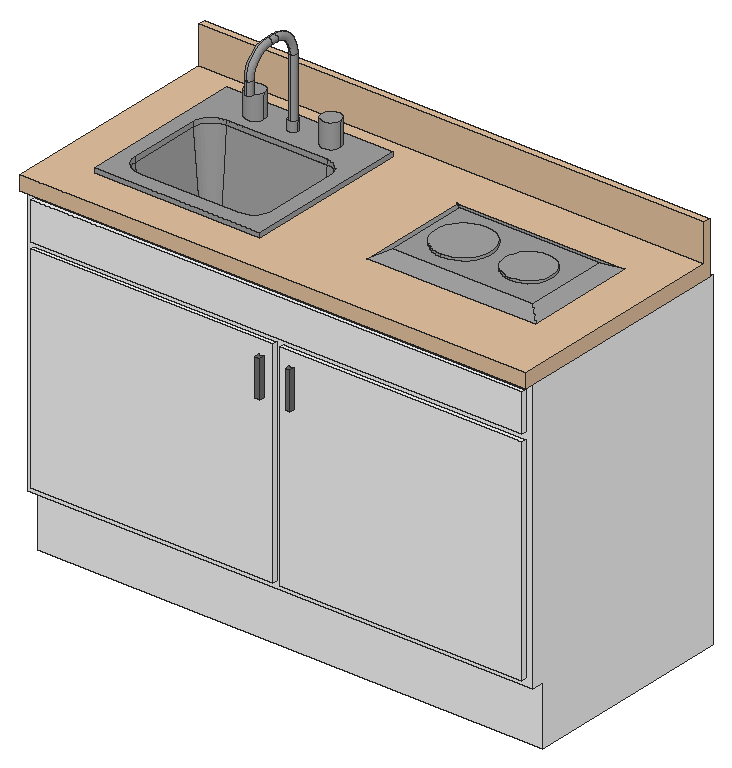
Revit family "Kitchenette-Small (NZ)", category 특수 시설물, Revit 2026
Family settings
  원형 커넥터 치수 = 지름 사용
  부품 유형 = 보통
  작업 기준면 기반 = 아니오
  뷰에서 절단 사용 = 아니오
  항상 수직 = 예
  로드될 때 보이드를 사용하여 절단 = 아니오
  주석 방향 유지 = 아니오
  공유 = 예
  룸 계산 점 = 아니오
Parameters (values of type "1372mm")
  기본 높이 = 0 mm
  Width = 1372 mm
  Sink Location = Width / 4  # 343 mm
  Height = 900 mm
  Depth = 610 mm
  Cabinet Material = Cabinets
  Door/Drawer Material = Cabinets
  Handle Material = Cabinets - Handles
  Toe Depth = 35 mm
  Toe Height = 160 mm
  Assembly Code = ""
Reference planes
  plane 1 "Back": y = 0
  plane 2: z = 0
  plane 3 "Center": x = 18.738
  plane 4 "Left": x = -667.262
  plane 5 "Right": x = 704.738
  plane 6 "Front": y = -610
  plane 7 "Top": z = 900
  plane 8: y = -575
  plane 9: z = 160
  plane 10: z = 880.95
  plane 11: z = 179.05
  plane 12: x = -648.212
  plane 13: x = 685.688
  plane 14: z = 779.35
  plane 15: z = 760.3
  plane 16: z = 722.2
  plane 17: z = 620.6
  plane 18: x = -16.187
  plane 19: x = -28.887
  plane 20: x = 9.213
  plane 21: x = 28.263
  plane 22: x = 53.663
  plane 23: x = 66.363
  plane 24: y = -305
  plane 25: x = 361.738
  plane 26: x = -324.262
  plane 27: y = -635
Forms (mm)
  Extrusion 1, solid, material "Cabinets" <- "Cabinet Material"
    sketch origin (0, 0, 0) x (1, 0, 0) y (0, 1, 0)
      loop
        line (-667.262, 0) -> (-667.262, -575) -> (704.738, -575) -> (704.738, 0) -> (-667.262, 0)
    from 0 to 160
  Sweep 2, solid, material "Cabinets" <- "Cabinet Material"
    path origin (0, 0, 0) x (1, 0, 0) y (0, 1, 0)
      loop
        line (704.738, 0) -> (-667.262, 0) -> (-667.262, -610) -> (704.738, -610) -> (704.738, 0)
    profile origin (0, -305, 0) x (1, 0, 0) y (0, 0, 1)
      loop
        line (704.738, 160) -> (704.738, 900) -> (685.688, 900) -> (685.688, 160) -> (704.738, 160)
  Extrusion 3, solid, material "Cabinets" <- "Cabinet Material"
    sketch origin (0, 0, 0) x (1, 0, 0) y (0, 1, 0)
      loop
        line (-648.212, -19.05) -> (-648.212, -590.95) -> (685.688, -590.95) -> (685.688, -19.05) -> (-648.212, -19.05)
    from 179.05 to 160
  Extrusion 4, solid, material "Cabinets" <- "Door/Drawer Material"
    sketch origin (0, -610, 0) x (1, 0, 0) y (0, 0, 1)
      loop
        line (-648.212, 760.3) -> (-648.212, 179.05) -> (9.213, 179.05) -> (9.213, 760.3) -> (-648.212, 760.3)
      loop
        line (28.263, 760.3) -> (28.263, 179.05) -> (685.688, 179.05) -> (685.688, 760.3) -> (28.263, 760.3)
      loop
        line (-648.212, 880.95) -> (-648.212, 779.35) -> (685.688, 779.35) -> (685.688, 880.95) -> (-648.212, 880.95)
    from 0 to 12.7
  Extrusion 5, solid, material "Cabinets - Handles" <- "Handle Material"
    sketch origin (0, -610, 0) x (1, 0, 0) y (0, 0, 1)
      loop
        line (-28.887, 722.2) -> (-28.887, 620.6) -> (-16.187, 620.6) -> (-16.187, 722.2) -> (-28.887, 722.2)
      loop
        line (53.663, 722.2) -> (53.663, 620.6) -> (66.363, 620.6) -> (66.363, 722.2) -> (53.663, 722.2)
    from 12.7 to 25.4
Cuts and joins
  joined: Extrusion 1, Sweep 2
Lines and regions (mm)
  symbolic lines, style "SpecialityEquipment"
    curve 1: line (704.738, -610, 0) -> (-667.262, -610, 0)
  model lines
    curve 2: line (685.688, -610, 779.35) -> (-648.212, -610, 779.35)
    curve 3: line (685.688, -610, 880.95) -> (685.688, -610, 779.35)
    curve 4: line (-648.212, -610, 880.95) -> (685.688, -610, 880.95)
    curve 5: line (-648.212, -610, 779.35) -> (-648.212, -610, 880.95)
    curve 6: line (685.688, -610, 179.05) -> (28.263, -610, 179.05)
    curve 7: line (685.688, -610, 760.3) -> (685.688, -610, 179.05)
    curve 8: line (-648.212, -610, 760.3) -> (9.213, -610, 760.3)
    curve 9: line (-648.212, -610, 179.05) -> (-648.212, -610, 760.3)
    curve 10: line (-28.887, -610, 722.2) -> (-16.187, -610, 722.2)
    curve 11: line (-28.887, -610, 620.6) -> (-28.887, -610, 722.2)
    curve 12: line (-16.187, -610, 620.6) -> (-28.887, -610, 620.6)
    curve 13: line (-16.187, -610, 722.2) -> (-16.187, -610, 620.6)
    curve 14: line (28.263, -610, 179.05) -> (28.263, -610, 760.3)
    curve 15: line (9.213, -610, 179.05) -> (9.213, -610, 760.3)
    curve 16: line (66.363, -610, 722.2) -> (53.663, -610, 722.2)
    curve 17: line (66.363, -610, 620.6) -> (66.363, -610, 722.2)
    curve 18: line (53.663, -610, 620.6) -> (66.363, -610, 620.6)
    curve 19: line (53.663, -610, 722.2) -> (53.663, -610, 620.6)
    curve 20: line (28.263, -610, 760.3) -> (685.688, -610, 760.3)
    curve 21: line (9.213, -610, 179.05) -> (-648.212, -610, 179.05)
  symbolic lines, style "Elevation Swing"
    curve 22: line (9.213, -610, 760.3) -> (-648.212, -610, 469.675)
    curve 23: line (9.213, -610, 179.05) -> (-648.212, -610, 469.675)
    curve 24: line (28.263, -610, 760.3) -> (685.688, -610, 469.675)
    curve 25: line (685.688, -610, 469.675) -> (28.263, -610, 179.05)
Dimensions and locks
  "Depth": plane 6 "Front" to plane 1 "Back"
  "Width": plane 4 "Left" to plane 5 "Right"
  equal spacing: plane 4 "Left", plane 3 "Center", plane 5 "Right"
  "Height": level to plane 7 "Top"
  "Toe Height": plane 2 to plane 9
  "Toe Depth": plane 6 "Front" to plane 8
  locked: plane 4 "Left" to plane 12 at 19.05
  locked: plane 13 to plane 5 "Right" at 19.05
  locked: plane 7 "Top" to plane 10 at 19.05
  locked: plane 11 to plane 9 at 19.05
  plane 10 to plane 14 to plane 15 = 101.6 mm locked, 19.05 mm locked
  plane 15 to plane 16 to plane 17 = 38.1 mm locked, 101.6 mm locked
  plane 21 to plane 3 "Center" to plane 20 = 9.525 mm locked, 9.525 mm locked
  plane 20 to plane 18 to plane 19 = 25.4 mm locked, 12.7 mm locked
  plane 21 to plane 22 to plane 23 = 25.4 mm locked, 12.7 mm locked
  equal spacing: plane 15, curve 23, plane 11
  equal spacing: plane 15, curve 25, plane 11
  equal spacing: plane 3 "Center", plane 25, plane 5 "Right"
  equal spacing: plane 4 "Left", plane 26, plane 3 "Center"
  locked: plane 6 "Front" to plane 27 at 25
  equal spacing: plane 6 "Front", plane 24, plane 1 "Back"
  aligned and locked: plane 1 "Back" to Extrusion 1 sketch curve
  aligned and locked: Extrusion 1 sketch curve to plane 5 "Right"
  aligned and locked: Extrusion 1 sketch curve to plane 8
  aligned and locked: plane 4 "Left" to Extrusion 1 sketch curve
  aligned and locked: Extrusion 1 to level
  aligned and locked: Sweep 2 sketch curve to plane 6 "Front"
  aligned and locked: plane 1 "Back" to Sweep 2 sketch curve
  aligned and locked: Sweep 2 sketch curve to plane 5 "Right"  (x2)
  aligned and locked: plane 4 "Left" to Sweep 2 sketch curve
  aligned and locked: plane 7 "Top" to Sweep 2 sketch curve
  aligned and locked: Sweep 2 sketch curve to plane 9
  aligned and locked: Sweep 2 to Extrusion 3 sketch curve  (x2)
  aligned and locked: Extrusion 3 sketch curve to Sweep 2  (x2)
  aligned and locked: Extrusion 3 to plane 11
  aligned and locked: Extrusion 3 to plane 9
  aligned and locked: Extrusion 1 to plane 9
  aligned and locked: plane 17 to Extrusion 5  (x2)
  aligned and locked: curve 8 to curve 22
  aligned and locked: plane 12 to curve 22
  aligned and locked: curve 23 to curve 21
  aligned and locked: curve 24 to curve 20
  aligned and locked: plane 13 to curve 24
  aligned and locked: curve 6 to curve 25
  aligned and locked: nested 1 to plane 26
  aligned and locked: nested 1 to plane 24
  aligned and locked: plane 24 to nested 2
  aligned and locked: nested 2 to plane 25
Automatic sketch dimensions
  profile plane to Sweep 2 sketch curve = 19.05 mm
  curve 1 to plane 4 "Left" = 0 mm
  curve 1 to plane 6 "Front" = 0 mm
  curve 3 to plane 10 = 0 mm
  curve 3 to plane 13 = 0 mm
  curve 17 to plane 16 = 0 mm
  curve 17 to plane 23 = 0 mm
  curve 19 to plane 17 = 0 mm
  curve 19 to plane 22 = 0 mm
  curve 20 to plane 15 = 0 mm
  curve 20 to plane 21 = 0 mm
  curve 15 to plane 15 = 0 mm
  curve 15 to plane 20 = 0 mm
  curve 12 to plane 17 = 0 mm
  curve 12 to plane 18 = 0 mm
  curve 12 to plane 19 = 0 mm
  curve 9 to plane 12 = 0 mm
  curve 5 to plane 12 = 0 mm
  curve 3 to plane 14 = 0 mm
  curve 11 to plane 16 = 0 mm
  curve 6 to plane 11 = 0 mm
  curve 9 to plane 11 = 0 mm
  Extrusion 4 sketch curve to plane 11 = 0 mm  (x2)
  Extrusion 4 sketch curve to plane 12 = 0 mm  (x2)
  Extrusion 4 sketch curve to plane 15 = 0 mm  (x2)
  Extrusion 4 sketch curve to plane 20 = 0 mm
  Extrusion 4 sketch curve to plane 21 = 0 mm
  Extrusion 4 sketch curve to plane 10 = 0 mm
  Extrusion 4 sketch curve to plane 13 = 0 mm  (x2)
  Extrusion 4 sketch curve to plane 14 = 0 mm
  Extrusion 5 sketch curve to plane 19 = 0 mm
  Extrusion 5 sketch curve to plane 18 = 0 mm
  Extrusion 5 sketch curve to plane 16 = 0 mm  (x2)
  Extrusion 5 sketch curve to plane 22 = 0 mm
  Extrusion 5 sketch curve to plane 23 = 0 mm
  plane 17 to Extrusion 5 sketch curve = 0 mm  (x2)
  Sweep 2 to curve 7 = 19.05 mm
  curve 23 to plane 20 = 0 mm
  curve 22 to plane 20 = 0 mm
  curve 25 to plane 21 = 0 mm
  curve 24 to plane 21 = 0 mm
  curve 1 to plane 5 "Right" = 0 mm
Nested families
  nested 1: "Sink Kitchen-Island (NZ)" at (-339.952, -307.345, 40), type "450 x 450mm"
  nested 2: "Cook Top-2 Unit (M)" at (391.963, -381.2, 40) x (0, 1, 0) z (0, 0, 1), type "305 x 457mm"
    with Depth 457 mm, Width 305 mm
  nested 3: "Counter Top w Sink Hole (NZ)" at (533.2, -10, 0), Length <- "Width", Sink Location <- "Sink Location", type "600mm Depth"
    with Sink Opening Width 425 mm, Sink Opening Depth 425 mm, Sink Location To Wall 80 mm, Sink Location 343 mm, Length 1372 mm
Definition of nested family "Sink Kitchen-Island (NZ)"
  Parameters
    Default Elevation = 0 mm
    Counter Height = 900 mm
    Depth = 450 mm
    Fixture Material = none
    Sink Material = none
    Width = 450 mm
    Assembly Code = ""
  Reference planes
    plane 1 "Center (Front/Back)": y = 2.345
    plane 2: z = 0
    plane 3 "Center (Left/Right)": x = 15.689
    plane 4: y = 227.345
    plane 5: y = -222.655
    plane 6: x = -209.311
    plane 7: x = 240.689
    plane 8 "Top Of Counter": z = 900
    plane 9: z = 912.7
    plane 10: z = 684.1
    plane 11: y = 113.045
    plane 12: x = -171.211
    plane 13: y = -184.555
    plane 14: x = 202.589
    plane 15: x = -85.911
    plane 16: x = 117.289
    plane 17: y = 170.195
    plane 18: y = 170.195
    plane 19: y = 170.195
    plane 20: z = 1163.525
    plane 21: y = 20.97
    plane 22: z = 976.2
    plane 23: z = 938.1
  Forms (mm)
    Extrusion 1, solid, material <- "Sink Material"
      sketch origin (0, 0, 0) x (1, 0, 0) y (0, 1, 0)
        loop
          line (-209.311, 227.345) -> (-209.311, -222.655) -> (240.689, -222.655) -> (240.689, 227.345) -> (-209.311, 227.345)
        loop
          arc (-120.411, 113.045) -> (-156.332, 98.166) -> (-171.211, 62.245) r 50.8
          line (-171.211, 62.245) -> (-171.211, -133.755)
          arc (-171.211, -133.755) -> (-156.332, -169.676) -> (-120.411, -184.555) r 50.8
          line (-120.411, -184.555) -> (151.789, -184.555)
          arc (151.789, -184.555) -> (187.71, -169.676) -> (202.589, -133.755) r 50.8
          line (202.589, -133.755) -> (202.589, 62.245)
          arc (202.589, 62.245) -> (187.71, 98.166) -> (151.789, 113.045) r 50.8
          line (151.789, 113.045) -> (-120.411, 113.045)
      from 900 to 912.7
    Sweep 2, solid, material <- "Sink Material"
      path origin (0, 0, 0) x (1, 0, 0) y (0, 1, 0)
        loop
          arc (-120.411, 113.045) -> (-156.332, 98.166) -> (-171.211, 62.245) r 50.8
          line (-171.211, 62.245) -> (-171.211, -133.755)
          arc (-171.211, -133.755) -> (-156.332, -169.676) -> (-120.411, -184.555) r 50.8
          line (-120.411, -184.555) -> (151.789, -184.555)
          arc (151.789, -184.555) -> (187.71, -169.676) -> (202.589, -133.755) r 50.8
          line (202.589, -133.755) -> (202.589, 62.245)
          arc (202.589, 62.245) -> (187.71, 98.166) -> (151.789, 113.045) r 50.8
          line (151.789, 113.045) -> (-120.411, 113.045)
      profile origin (15.689, 0, 0) x (0, 1, 0) y (0, 0, 1)
        loop
          line (113.045, 900) -> (96.511, 711.015)
          arc (96.511, 711.015) -> (90.404, 698.63) -> (77.534, 693.625) r 19.05
          line (77.534, 693.625) -> (74.945, 693.625) -> (74.945, 684.1) -> (119.395, 684.1) -> (119.395, 900) -> (113.045, 900)
    Extrusion 3, solid, material <- "Sink Material"
      sketch origin (0, 0, 0) x (1, 0, 0) y (0, 1, 0)
        loop
          arc (-120.411, 74.945) -> (-129.391, 71.226) -> (-133.111, 62.245) r 12.7
          line (-133.111, 62.245) -> (-133.111, -133.755)
          arc (-133.111, -133.755) -> (-129.391, -142.735) -> (-120.411, -146.455) r 12.7
          line (-120.411, -146.455) -> (151.789, -146.455)
          arc (151.789, -146.455) -> (160.769, -142.735) -> (164.489, -133.755) r 12.7
          line (164.489, -133.755) -> (164.489, 62.245)
          arc (164.489, 62.245) -> (160.769, 71.226) -> (151.789, 74.945) r 12.7
          line (151.789, 74.945) -> (-120.411, 74.945)
        loop
          circle (15.689, 0) r 25.4
      from 684.1 to 693.625
    Extrusion 4, solid, material <- "Fixture Material"
      sketch origin (0, 0, 0) x (1, 0, 0) y (0, 1, 0)
        loop
          circle (-85.911, 167.117) r 25.4
        loop
          circle (117.289, 172.313) r 25.4
      from 912.7 to 976.2
    Sweep 5, solid, material <- "Fixture Material"
      path origin (15.689, 0, 0) x (0, 1, 0) y (0, 0, 1)
        loop
          line (170.195, 912.7) -> (170.195, 1100.025)
          arc (170.195, 1100.025) -> (151.597, 1144.926) -> (106.695, 1163.525) r 63.5
          line (106.695, 1163.525) -> (84.47, 1163.525)
          arc (84.47, 1163.525) -> (39.569, 1144.926) -> (20.97, 1100.025) r 63.5
          line (20.97, 1100.025) -> (20.97, 1065.1)
      profile origin (15.689, 0, 1006.363) x (0, -1, 0) y (1, 0, 0)
        loop
          circle (-170.195, 0) r 9.525
    Extrusion 6, solid, material <- "Fixture Material"
      sketch origin (0, 0, 0) x (1, 0, 0) y (0, 1, 0)
        loop
          circle (15.689, 170.195) r 12.7
      from 912.7 to 938.1
  Cuts and joins
    joined: Sweep 5, Extrusion 6
    joined: Sweep 2, Extrusion 3
  Lines and regions (mm)
    symbolic lines
      curve 1: line (240.689, 227.345, 0) -> (-209.311, 227.345, 0)
      curve 2: line (240.689, -222.655, 0) -> (240.689, 227.345, 0)
      curve 3: line (-209.311, -222.655, 0) -> (240.689, -222.655, 0)
      curve 4: line (-209.311, 227.345, 0) -> (-209.311, -222.655, 0)
      curve 5: arc (41.089, 0, 0) -> (15.689, 25.4, 0) -> (-9.711, 0, 0) r 25.4
      curve 6: arc (-9.711, 0, 0) -> (15.689, -25.4, 0) -> (41.089, 0, 0) r 25.4
      curve 7: line (-171.211, 62.245, 0) -> (-171.211, -133.755, 0)
      curve 8: line (-120.411, -184.555, 0) -> (151.789, -184.555, 0)
      curve 9: line (202.589, -133.755, 0) -> (202.589, 62.245, 0)
      curve 10: line (151.789, 113.045, 0) -> (28.389, 113.045, 0)
      curve 11: arc (202.589, 62.245, 0) -> (187.71, 98.166, 0) -> (151.789, 113.045, 0) r 50.8
      curve 12: arc (151.789, -184.555, 0) -> (187.71, -169.676, 0) -> (202.589, -133.755, 0) r 50.8
      curve 13: arc (-171.211, -133.755, 0) -> (-156.332, -169.676, 0) -> (-120.411, -184.555, 0) r 50.8
      curve 14: arc (-120.411, 113.045, 0) -> (-156.332, 98.166, 0) -> (-171.211, 62.245, 0) r 50.8
      curve 15: arc (-60.511, 167.117, 0) -> (-85.911, 192.517, 0) -> (-111.311, 167.117, 0) r 25.4
      curve 16: arc (142.689, 172.313, 0) -> (117.289, 197.713, 0) -> (91.889, 172.313, 0) r 25.4
      curve 17: arc (-111.311, 167.117, 0) -> (-85.911, 141.717, 0) -> (-60.511, 167.117, 0) r 25.4
      curve 18: arc (91.889, 172.313, 0) -> (117.289, 146.913, 0) -> (142.689, 172.313, 0) r 25.4
      curve 19: arc (28.389, 170.195, 0) -> (15.689, 182.895, 0) -> (2.989, 170.195, 0) r 12.7
      curve 20: line (2.989, 170.195, 0) -> (2.989, 53.145, 0)
      curve 21: line (28.389, 170.195, 0) -> (28.389, 53.145, 0)
      curve 22: arc (28.389, 53.145, 0) -> (15.689, 40.445, 0) -> (2.989, 53.145, 0) r 12.7
      curve 23: line (2.989, 113.045, 0) -> (-120.411, 113.045, 0)
  Dimensions and locks
    equal spacing: plane 6, plane 3 "Center (Left/Right)", plane 7
    "Width": plane 6 to plane 7
    equal spacing: plane 5, plane 1 "Center (Front/Back)", plane 4
    "Depth": plane 5 to plane 4
    "Counter Height": plane 8 "Top Of Counter" to plane 2
    locked: plane 9 to plane 8 "Top Of Counter" at 12.7
    locked: plane 8 "Top Of Counter" to plane 10 at 215.9
    locked: plane 6 to plane 12 at 38.1
    locked: plane 14 to plane 7 at 38.1
    locked: plane 11 to plane 4 at 114.3
    locked: plane 5 to plane 13 at 38.1
    equal spacing: plane 11, plane 17, plane 4
    equal spacing: plane 11, plane 18, plane 4
    equal spacing: plane 4, plane 19, plane 11
    locked: plane 19 to plane 21 at 149.225
    locked: plane 20 to plane 9 at 250.825
    locked: plane 22 to plane 9 at 63.5
    locked: plane 23 to plane 9 at 25.4
    aligned and locked: Extrusion 1 sketch curve to plane 5
    aligned and locked: plane 7 to Extrusion 1 sketch curve
    aligned and locked: plane 4 to Extrusion 1 sketch curve
    aligned and locked: Extrusion 1 sketch curve to plane 6
    aligned and locked: plane 8 "Top Of Counter" to Extrusion 1
    aligned and locked: Extrusion 1 to plane 9
    aligned and locked: plane 11 to Extrusion 1 sketch curve
    aligned and locked: plane 14 to Extrusion 1 sketch curve
    aligned and locked: Extrusion 1 sketch curve to plane 12
    aligned and locked: Extrusion 1 sketch curve to plane 13
    aligned and locked: plane 11 to Sweep 2 sketch curve
    aligned and locked: plane 14 to Sweep 2 sketch curve
    aligned and locked: Sweep 2 sketch curve to plane 12
    aligned and locked: Sweep 2 sketch curve to plane 13
    aligned and locked: Sweep 2 to Extrusion 3 sketch curve  (x4)
    aligned and locked: Sweep 2 to Extrusion 3
    aligned and locked: plane 10 to Extrusion 3
    aligned and locked: Sweep 2 sketch curve to plane 10
    aligned and locked: plane 8 "Top Of Counter" to Sweep 2 sketch curve
    aligned and locked: Extrusion 4 to Extrusion 1
    aligned and locked: Extrusion 6 to Extrusion 1
    aligned and locked: Sweep 5 sketch curve to plane 19
    aligned and locked: plane 20 to Sweep 5 sketch curve
    aligned and locked: plane 21 to Sweep 5 sketch curve
    aligned and locked: Extrusion 4 to plane 22
    aligned and locked: Extrusion 6 to plane 23
  Automatic sketch dimensions
    Sweep 2 sketch curve to plane 12 = 50.8 mm
    Sweep 2 sketch curve to Sweep 2 sketch curve = 50.8 mm
    plane 11 to Sweep 2 sketch curve = 50.8 mm
    plane 14 to Sweep 2 sketch curve = 50.8 mm
    Extrusion 1 sketch curve to plane 12 = 50.8 mm  (x2)
    plane 14 to Extrusion 1 sketch curve = 50.8 mm  (x2)
    Extrusion 3 sketch curve to plane 3 "Center (Left/Right)" = 0 mm
    Extrusion 3 sketch curve to Extrusion 3 sketch curve = 12.7 mm  (x4)
    plane 1 "Center (Front/Back)" to Extrusion 3 sketch curve = 2.345 mm
    Extrusion 3 sketch curve to plane 3 "Center (Left/Right)" = 25.4 mm
    Sweep 2 sketch curve to profile plane = 0 mm
    profile plane to Sweep 2 sketch curve = 16.534 mm
    Sweep 2 sketch curve to Sweep 2 sketch curve = 18.978 mm
    Sweep 2 sketch curve to Sweep 2 sketch curve = 2.588 mm
    Sweep 2 sketch curve to profile plane = 6.35 mm
    Sweep 2 sketch curve to Sweep 2 sketch curve = 9.525 mm
    Sweep 2 sketch curve to Sweep 2 sketch curve = 17.39 mm
    Extrusion 4 sketch curve to plane 15 = 0 mm
    Extrusion 4 sketch curve to plane 16 = 0 mm
    plane 17 to Extrusion 4 sketch curve = 3.079 mm
    plane 15 to Extrusion 4 sketch curve = 25.4 mm
    Extrusion 4 sketch curve to plane 17 = 2.118 mm
    plane 16 to Extrusion 4 sketch curve = 25.4 mm
    Sweep 5 sketch curve to plane 3 "Center (Left/Right)" = 0 mm
    Sweep 5 sketch curve to profile plane = 0 mm
    profile plane to Sweep 5 sketch curve = 9.525 mm
    Extrusion 6 sketch curve to plane 18 = 0 mm
    Extrusion 6 sketch curve to plane 3 "Center (Left/Right)" = 0 mm
    Extrusion 6 sketch curve to plane 3 "Center (Left/Right)" = 12.7 mm
    Sweep 5 sketch curve to plane 9 = 0 mm
    Sweep 5 sketch curve to Sweep 5 sketch curve = 63.5 mm
    plane 11 to Sweep 5 sketch curve = 6.35 mm
    Sweep 5 sketch curve to Sweep 5 sketch curve = 34.925 mm
    curve 1 to plane 4 = 0 mm
    curve 1 to plane 6 = 0 mm
    curve 7 to plane 12 = 0 mm
    curve 14 to plane 11 = 0 mm
    curve 8 to plane 13 = 0 mm
    curve 5 to plane 3 "Center (Left/Right)" = 0 mm
    curve 19 to plane 3 "Center (Left/Right)" = 0 mm
    curve 12 to plane 14 = 0 mm
    curve 1 to plane 7 = 0 mm
    curve 3 to plane 5 = 0 mm
    curve 7 to curve 13 = 50.8 mm
    curve 14 to plane 12 = 50.8 mm
    curve 15 to plane 3 "Center (Left/Right)" = 127 mm
    curve 15 to curve 17 = 25.4 mm
    plane 1 "Center (Front/Back)" to curve 5 = 2.345 mm
    curve 5 to plane 3 "Center (Left/Right)" = 25.4 mm
    curve 19 to curve 19 = 12.7 mm
    curve 19 to curve 18 = 63.5 mm
    curve 16 to curve 16 = 25.4 mm
    plane 14 to curve 12 = 50.8 mm
    plane 14 to curve 10 = 50.8 mm
    curve 22 to plane 1 "Center (Front/Back)" = 50.8 mm
    plane 4 to curve 17 = 60.229 mm
    plane 4 to curve 21 = 57.15 mm
    plane 4 to curve 16 = 55.032 mm
    curve 10 to plane 11 = 0 mm
Definition of nested family "Cook Top-2 Unit (M)"
  Parameters
    Default Elevation = 0 mm
    Burner Material = none
    Cooktop Material = none
    Counter Height = 900 mm
    Depth = 508 mm
    Width = 356 mm
  Reference planes
    plane 1 "Center (Front/Back)": y = 30.225
    plane 2: z = 0
    plane 3 "Center (Left/Right)": x = 76.2
    plane 4: z = 19.05
    plane 5: y = 284.225
    plane 6: y = -223.775
    plane 7: z = 900
  Forms (mm)
    Blend 1, solid, material <- "Cooktop Material"
      base sketch origin (0, 0, 900) x (-1, 0, 0) y (0, -1, 0)
        loop
          line (101.8, -284.225) -> (101.8, 223.775) -> (-254.2, 223.775) -> (-254.2, -284.225) -> (101.8, -284.225)
      top sketch origin (0, 0, 900) x (-1, 0, 0) y (0, -1, 0)
        loop
          line (63.7, -246.125) -> (63.7, 185.675) -> (-216.1, 185.675) -> (-216.1, -246.125) -> (63.7, -246.125)
      from 0 to 19.05
    Extrusion 2, solid, material <- "Burner Material"
      sketch origin (76.2, 30.225, 919.05) x (-1, 0, 0) y (0, -1, 0)
        loop
          circle (0, -114.3) r 76.2
        loop
          circle (0, 114.3) r 63.5
      from 0 to 6.35
  Lines and regions (mm)
    symbolic lines
      curve 1: line (-101.8, 284.225, 19.05) -> (254.2, 284.225, 19.05)
      curve 2: line (-101.8, -223.775, 19.05) -> (-101.8, 284.225, 19.05)
      curve 3: line (254.2, -223.775, 19.05) -> (-101.8, -223.775, 19.05)
      curve 4: line (254.2, 284.225, 19.05) -> (254.2, -223.775, 19.05)
      curve 5: line (-63.7, 246.125, 19.05) -> (216.1, 246.125, 19.05)
      curve 6: line (-63.7, -185.675, 19.05) -> (-63.7, 246.125, 19.05)
      curve 7: line (216.1, -185.675, 19.05) -> (-63.7, -185.675, 19.05)
      curve 8: line (216.1, 246.125, 19.05) -> (216.1, -185.675, 19.05)
      curve 9: line (-101.8, 284.225, 19.05) -> (-63.7, 246.125, 19.05)
      curve 10: line (254.2, 284.225, 19.05) -> (216.1, 246.125, 19.05)
      curve 11: line (254.2, -223.775, 19.05) -> (216.1, -185.675, 19.05)
      curve 12: line (-101.8, -223.775, 19.05) -> (-63.7, -185.675, 19.05)
      curve 13: arc (152.4, 144.525, 19.05) -> (76.2, 220.725, 19.05) -> (0, 144.525, 19.05) r 76.2
      curve 14: arc (0, 144.525, 19.05) -> (76.2, 68.325, 19.05) -> (152.4, 144.525, 19.05) r 76.2
      curve 15: arc (139.7, -84.075, 19.05) -> (76.2, -20.575, 19.05) -> (12.7, -84.075, 19.05) r 63.5
      curve 16: arc (12.7, -84.075, 19.05) -> (76.2, -147.575, 19.05) -> (139.7, -84.075, 19.05) r 63.5
      curve 17: line (76.2, 169.925, 19.05) -> (76.2, 233.425, 19.05)
      curve 18: line (50.8, 144.525, 19.05) -> (-12.7, 144.525, 19.05)
      curve 19: line (76.2, 119.125, 19.05) -> (76.2, 55.625, 19.05)
      curve 20: line (101.6, 144.525, 19.05) -> (165.1, 144.525, 19.05)
      curve 21: line (76.2, -65.025, 19.05) -> (76.2, -1.525, 19.05)
      curve 22: line (57.15, -84.075, 19.05) -> (-6.35, -84.075, 19.05)
      curve 23: line (76.2, -103.125, 19.05) -> (76.2, -166.625, 19.05)
      curve 24: line (95.25, -84.075, 19.05) -> (158.75, -84.075, 19.05)
  Dimensions and locks
    equal spacing: curve 2, plane 3 "Center (Left/Right)", curve 4
    equal spacing: curve 3, plane 1 "Center (Front/Back)", curve 1
    "Depth": curve 3 to curve 1
    "Width": curve 2 to curve 4
    locked: curve 14 to curve 1 at 139.7
    locked: curve 16 to curve 3 at 139.7
    "Counter Height": plane 2 to plane 7
    locked: Blend 1 sketch curve to curve 1 at 38.1
    locked: Blend 1 sketch curve to curve 3 at 38.1
    locked: curve 2 to Blend 1 sketch curve at 38.1
    locked: Blend 1 sketch curve to curve 4 at 38.1
    locked: Extrusion 2 sketch curve to curve 1 at 139.7
    locked: Extrusion 2 sketch curve to curve 3 at 139.7
    aligned and locked: Blend 1 sketch curve to curve 1
    aligned and locked: Blend 1 sketch curve to curve 3
    aligned and locked: Blend 1 sketch curve to curve 4
    aligned and locked: Blend 1 sketch curve to curve 2
  Automatic sketch dimensions
    curve 16 to plane 3 "Center (Left/Right)" = 0 mm
    curve 17 to plane 3 "Center (Left/Right)" = 0 mm
    curve 21 to plane 3 "Center (Left/Right)" = 0 mm
    curve 13 to plane 3 "Center (Left/Right)" = 0 mm
    curve 23 to plane 3 "Center (Left/Right)" = 0 mm
    curve 19 to plane 3 "Center (Left/Right)" = 0 mm
    curve 3 to curve 12 = 38.1 mm
    curve 18 to plane 3 "Center (Left/Right)" = 88.9 mm
    curve 22 to plane 3 "Center (Left/Right)" = 82.55 mm
    curve 18 to curve 13 = 12.7 mm
    curve 22 to curve 16 = 19.05 mm
    curve 18 to plane 3 "Center (Left/Right)" = 25.4 mm
    curve 22 to plane 3 "Center (Left/Right)" = 19.05 mm
    plane 3 "Center (Left/Right)" to curve 24 = 19.05 mm
    plane 3 "Center (Left/Right)" to curve 20 = 25.4 mm
    curve 15 to curve 24 = 19.05 mm
    curve 13 to curve 20 = 12.7 mm
    curve 11 to curve 11 = 38.1 mm
    curve 11 to curve 7 = 38.1 mm
    curve 23 to curve 15 = 82.55 mm
    curve 23 to curve 15 = 19.05 mm
    plane 1 "Center (Front/Back)" to curve 21 = 31.75 mm
    curve 19 to plane 1 "Center (Front/Back)" = 25.4 mm
    curve 13 to curve 17 = 25.4 mm
    curve 17 to curve 17 = 63.5 mm
    curve 9 to curve 1 = 38.1 mm
    curve 19 to curve 13 = 25.4 mm
    curve 20 to curve 13 = 0 mm
    curve 18 to curve 13 = 0 mm
    curve 22 to curve 15 = 0 mm
    curve 24 to curve 15 = 0 mm
    curve 15 to curve 21 = 19.05 mm
    Extrusion 2 sketch curve to plane 3 "Center (Left/Right)" = 0 mm  (x2)
    plane 3 "Center (Left/Right)" to Extrusion 2 sketch curve = 76.2 mm
    plane 3 "Center (Left/Right)" to Extrusion 2 sketch curve = 63.5 mm
Definition of nested family "Counter Top w Sink Hole (NZ)"
  Parameters
    Default Elevation = 0 mm
    Counter Thickness = 40 mm
    Counter Top Material = none
    Depth = 625 mm
    Height [instance] = 940 mm
    Length [instance] = 2500 mm
    Sink Location [instance] = 1200 mm
    Sink Location To Wall [instance] = 100 mm
    Sink Opening Depth [instance] = 378 mm
    Sink Opening Width [instance] = 587 mm
    Assembly Code = ""
  Reference planes
    plane 1 "Back": y = 0
    plane 2: z = 0
    plane 3 "Left": x = -1200.462
    plane 4 "Right": x = 1299.538
    plane 5 "Front": y = -625
    plane 6 "Top": z = 940
    plane 7: z = 900
    plane 8: y = -19.05
    plane 9: z = 1041.6
    plane 10: x = -0.462
    plane 11: y = -100
    plane 12: x = 293.038
    plane 13: y = -478
    plane 14: x = -293.962
    plane 15: y = -87.3
    plane 16: x = 305.738
    plane 17: y = -490.7
    plane 18: x = -306.662
  Forms (mm)
    Extrusion 1, solid, material <- "Counter Top Material"
      sketch origin (0, 0, 0) x (1, 0, 0) y (0, 1, 0)
        loop
          line (-1200.462, 0) -> (-1200.462, -625) -> (1299.538, -625) -> (1299.538, 0) -> (-1200.462, 0)
      from 900 to 940
    Extrusion 2, solid, material <- "Counter Top Material"
      sketch origin (0, 0, 0) x (1, 0, 0) y (0, 1, 0)
        loop
          line (1299.538, 0) -> (-1200.462, 0) -> (-1200.462, -19.05) -> (1299.538, -19.05) -> (1299.538, 0)
      from 940 to 1041.6
    Extrusion 3, void
      sketch origin (0, 0, 0) x (1, 0, 0) y (0, 1, 0)
        loop
          arc (-255.862, -87.3) -> (-291.783, -102.179) -> (-306.662, -138.1) r 50.8
          line (-306.662, -138.1) -> (-306.662, -439.9)
          arc (-306.662, -439.9) -> (-291.783, -475.821) -> (-255.862, -490.7) r 50.8
          line (-255.862, -490.7) -> (254.938, -490.7)
          arc (254.938, -490.7) -> (290.859, -475.821) -> (305.738, -439.9) r 50.8
          line (305.738, -439.9) -> (305.738, -138.1)
          arc (305.738, -138.1) -> (290.859, -102.179) -> (254.938, -87.3) r 50.8
          line (254.938, -87.3) -> (-255.862, -87.3)
      from 900 to 940
  Cuts and joins
    Extrusion 3 cuts Extrusion 1
    Extrusion 3 cuts Extrusion 2
    joined: Extrusion 1, Extrusion 2
  Lines and regions (mm)
    Masking region 1
      outline origin (0, 0, 940) x (0, -1, 0) y (1, 0, 0)
        loop
          line (625, -1200.462) -> (625, 1299.538) -> (0, 1299.538) -> (0, -1200.462) -> (625, -1200.462)
    symbolic lines
      curve 1: line (-1200.462, -19.05, 0) -> (1299.538, -19.05, 0)
      curve 2: line (-243.162, -100, 0) -> (242.238, -100, 0)
      curve 3: line (-293.962, -427.2, 0) -> (-293.962, -150.8, 0)
      curve 4: line (242.238, -478, 0) -> (-243.162, -478, 0)
      curve 5: line (293.038, -150.8, 0) -> (293.038, -427.2, 0)
      curve 6: arc (-293.962, -150.8, 0) -> (-279.083, -114.879, 0) -> (-243.162, -100, 0) r 50.8
      curve 7: arc (242.238, -100, 0) -> (278.159, -114.879, 0) -> (293.038, -150.8, 0) r 50.8
      curve 8: arc (293.038, -427.2, 0) -> (278.159, -463.121, 0) -> (242.238, -478, 0) r 50.8
      curve 9: arc (-243.162, -478, 0) -> (-279.083, -463.121, 0) -> (-293.962, -427.2, 0) r 50.8
  Dimensions and locks
    "Depth": plane 5 "Front" to plane 1 "Back"
    "Length": plane 3 "Left" to plane 4 "Right"
    "Height": level to plane 6 "Top"
    "Counter Thickness": plane 7 to plane 6 "Top"
    locked: plane 8 to plane 1 "Back" at 19.05
    plane 6 "Top" to plane 9 = 101.6 mm
    "Sink Opening Width": plane 14 to plane 12
    "Sink Opening Depth": plane 13 to plane 11
    "Sink Location": plane 3 "Left" to plane 10
    equal spacing: plane 14, plane 10, plane 12
    "Sink Location To Wall": plane 11 to plane 1 "Back"
    locked: plane 11 to plane 15 at 12.7
    locked: plane 17 to plane 13 at 12.7
    locked: plane 18 to plane 14 at 12.7
    locked: plane 12 to plane 16 at 12.7
    aligned and locked: plane 1 "Back" to Extrusion 1 sketch curve
    aligned and locked: plane 4 "Right" to Extrusion 1 sketch curve
    aligned and locked: Extrusion 1 sketch curve to plane 5 "Front"
    aligned and locked: Extrusion 1 sketch curve to plane 3 "Left"
    aligned and locked: Extrusion 1 to plane 6 "Top"
    aligned and locked: Extrusion 1 to plane 7
    aligned and locked: Extrusion 2 sketch curve to plane 1 "Back"
    aligned and locked: plane 8 to Extrusion 2 sketch curve
    aligned and locked: Extrusion 2 sketch curve to plane 4 "Right"
    aligned and locked: plane 3 "Left" to Extrusion 2 sketch curve
    aligned and locked: Extrusion 2 to plane 9
    aligned and locked: plane 6 "Top" to Extrusion 2
    aligned and locked: Extrusion 3 to plane 6 "Top"
    aligned and locked: Extrusion 1 to Extrusion 3
    aligned and locked: plane 11 to curve 2
    aligned and locked: plane 12 to curve 5
    aligned and locked: curve 4 to plane 13
    aligned and locked: curve 3 to plane 14
    aligned and locked: plane 15 to Extrusion 3 sketch curve
    aligned and locked: plane 16 to Extrusion 3 sketch curve
    aligned and locked: Extrusion 3 sketch curve to plane 17
    aligned and locked: Extrusion 3 sketch curve to plane 18
  Automatic sketch dimensions
    curve 1 to plane 4 "Right" = 0 mm
    curve 1 to plane 8 = 0 mm
    curve 2 to plane 14 = 50.8 mm
    curve 9 to curve 4 = 50.8 mm
    plane 12 to curve 4 = 50.8 mm
    curve 7 to curve 5 = 50.8 mm
    Extrusion 3 sketch curve to plane 14 = 38.1 mm  (x2)
    plane 11 to Extrusion 3 sketch curve = 38.1 mm
    plane 12 to Extrusion 3 sketch curve = 38.1 mm
    curve 1 to plane 3 "Left" = 0 mm
    Masking region 1 sketch curve to plane 1 "Back" = 0 mm
    Masking region 1 sketch curve to plane 3 "Left" = 0 mm
    Masking region 1 sketch curve to plane 5 "Front" = 0 mm
    Masking region 1 sketch curve to plane 4 "Right" = 0 mm
